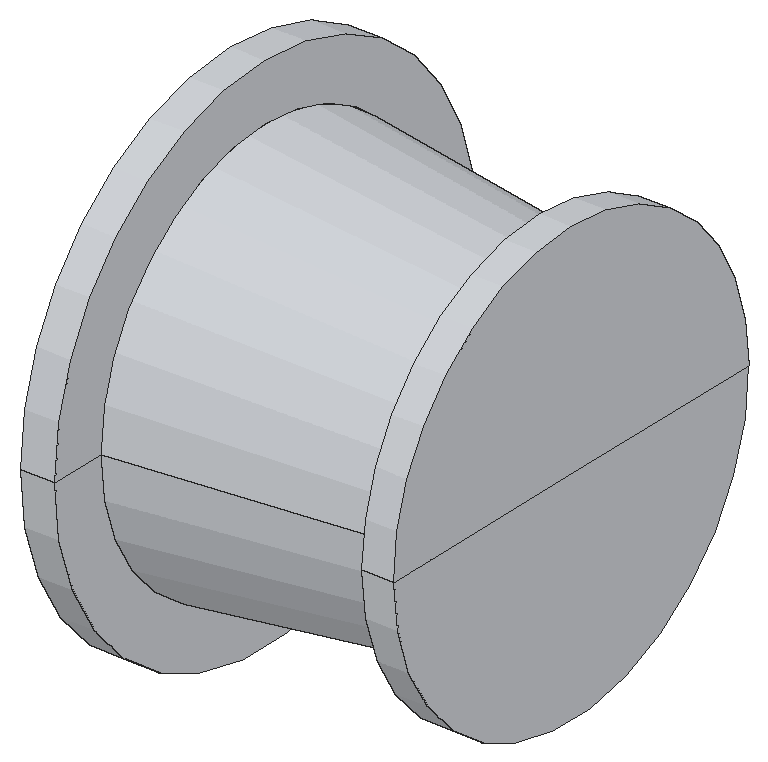
Revit family "45d5a770dc08497da0e8a8a844d91232", category Pipe Fittings, Revit 2021
Family settings
  Round Connector Dimension = Use Radius
  Part Type = Transition
  OmniClass Number = 23.60.30.11.14
  OmniClass Title = Pipework Fittings
  Work Plane-Based = No
  Always vertical = Yes
  Cut with Voids When Loaded = No
  Shared = No
Parameters (values of type "Standard")
  Visibility 2 [instance] = Nominal Diameter 2 > Nominal Diameter 1  # no
  Visibility 1 [instance] = Nominal Diameter 1 > Nominal Diameter 2  # yes
  URL = ""
  Type Comments = ""
  Tick Size 2 [instance] = if(Nominal Diameter 1 > Nominal Diameter 2, Min Tick Size 12, Max Tick Size 12)  # 15.5000"
  Tick Size 1 [instance] = if(Nominal Diameter 1 > Nominal Diameter 2, Max Tick Size 12, Min Tick Size 12)  # 18.4000"
  Min Tick Size 12 [instance] = Min Flange Diameter 12 * 0.4  # 15.5000"
  Min Flange Thickness 12 [instance] = size_lookup(Lookup Table Name, "FThk", 0.05 * Min Nominal Diameter 12 + 1.0800", Min Nominal Diameter 12)  # 2.7500"
  Min Flange Diameter 12 [instance] = size_lookup(Lookup Table Name, "FDia", 1.15 * Min Nominal Diameter 12 + 4.4800", Min Nominal Diameter 12)  # 38.7500"
  Max Tick Size 12 [instance] = Max Flange Diameter 12 * 0.4  # 18.4000"
  Nominal Radius 2 [instance] = 15.0000"
  Nominal Radius 1 [instance] = 18.0000"
  Nominal Diameter 2 [instance] = Nominal Radius 2 * 2  # 30.0000"
  Nominal Diameter 1 [instance] = Nominal Radius 1 * 2  # 36.0000"
  Min Nominal Diameter 12 [instance] = if(Nominal Diameter 1 > Nominal Diameter 2, Nominal Diameter 2, Nominal Diameter 1)  # 30.0000"
  Max Nominal Diameter 12 [instance] = if(Nominal Diameter 1 > Nominal Diameter 2, Nominal Diameter 1, Nominal Diameter 2)  # 36.0000"
  Max Flange Thickness 12 [instance] = size_lookup(Lookup Table Name, "FThk", 0.05 * Max Nominal Diameter 12 + 1.0800", Max Nominal Diameter 12)  # 3.0000"
  Max Flange Diameter 12 [instance] = size_lookup(Lookup Table Name, "FDia", 1.15 * Max Nominal Diameter 12 + 4.4800", Max Nominal Diameter 12)  # 46.0000"
  Manufacturer = ""
  Loss Method = K Coefficient from Table
  Lookup Table Name = "Flange - Ring - Stainless Steel - Class 275"
  Length [instance] = if(Nominal Diameter 1 = Nominal Diameter 2, Min Nominal Diameter 12 / 2, 4 * (Max Nominal Diameter 12 - Min Nominal Diameter 12))  # 24.0000"
  K Coefficient Table = "Reducer/Coupling/Union/Increaser"
  built-in parameter 1114238 [instance] = (empty or 0)
  Flange Thickness 2 [instance] = if(Nominal Diameter 1 > Nominal Diameter 2, Min Flange Thickness 12, Max Flange Thickness 12)  # 2.7500"
  Flange Thickness 1 [instance] = if(Nominal Diameter 1 > Nominal Diameter 2, Max Flange Thickness 12, Min Flange Thickness 12)  # 3.0000"
  Flange Radius 1 [instance] = Flange Diameter 1 / 2  # 23.0000"
  Flange Radius 2 [instance] = Flange Diameter 2 / 2  # 19.3750"
  Flange Diameter 2 [instance] = if(Nominal Diameter 1 > Nominal Diameter 2, Min Flange Diameter 12, Max Flange Diameter 12)  # 38.7500"
  Flange Diameter 1 [instance] = if(Nominal Diameter 1 > Nominal Diameter 2, Max Flange Diameter 12, Min Flange Diameter 12)  # 46.0000"
  Description = ""
  Default Elevation = 0.0000"
  Assembly Code = ""
Reference planes (in)
  plane 1 "Center (Front/Back)": y = 0
  plane 2: z = 0
  plane 3 "Center (Left/Right)": x = 0
  plane 4 "Right": x = 29.75
  plane 5 "TK1 Top": y = 18.4
  plane 6 "TK1 Bottom": y = -18.4
  plane 7 "TK2 Top": y = 15.5
  plane 8 "TK2 Bottom": y = -15.5
  plane 9: y = 18
  plane 10: y = 15
  plane 11: x = 3
  plane 12: y = 23
  plane 13: x = 27
  plane 14: y = 19.375
Forms (in)
  Extrusion 1, solid, not visible
    sketch origin (0, 0, 0) x (0, 1, 0) y (0, 0, 1)
      loop
        circle (0, 0) r 1
    from 0 to 29.75
  Revolve 2, solid, detail levels fine
    sketch origin (0, 0, 0) x (1, 0, 0) y (0, 1, 0)
      loop
        line (0, 0) -> (29.75, 0) -> (29.75, 19.375) -> (27, 19.375) -> (27, 15) -> (3, 18) -> (3, 23) -> (0, 23) -> (0, 0)
      axis (0, 0) -> (29.75, 0)
    angle from 0 to 360
Lines and regions (in)
  model lines, detail levels coarse+medium
    curve 1: line (0, 0, 0) -> (0, 18.4, 0)
    curve 2: line (0, -18.4, 0) -> (0, 0, 0)
    curve 3: line (29.75, 0, 0) -> (29.75, 15.5, 0)
    curve 4: line (29.75, 0, 0) -> (29.75, -15.5, 0)
  model lines, style "PipeFitting", visible <- "Visibility 1", detail levels coarse+medium
    curve 5: line (0, 18.4, 0) -> (29.75, 0, 0)
    curve 6: line (0, -18.4, 0) -> (29.75, 0, 0)
  model lines, style "PipeFitting", visible <- "Visibility 2", detail levels coarse+medium
    curve 7: line (29.75, 15.5, 0) -> (0, 0, 0)
    curve 8: line (0, 0, 0) -> (29.75, -15.5, 0)
Dimensions and locks (in)
  "Tick Size 1": plane 5 "TK1 Top" to plane 1 "Center (Front/Back)"
  "Tick Size 1": plane 6 "TK1 Bottom" to plane 1 "Center (Front/Back)"
  "Tick Size 2": plane 7 "TK2 Top" to plane 1 "Center (Front/Back)"
  "Tick Size 2": plane 8 "TK2 Bottom" to plane 1 "Center (Front/Back)"
  "Nominal Radius 1": plane 9 to plane 1 "Center (Front/Back)"
  "Nominal Radius 2": plane 10 to plane 1 "Center (Front/Back)"
  "Flange Thickness 1": plane 3 "Center (Left/Right)" to plane 11
  "Flange Thickness 2": plane 13 to plane 4 "Right"
  "Length": plane 11 to plane 13
  "Flange Radius 1": plane 12 to plane 1 "Center (Front/Back)"
  "Flange Radius 2": plane 14 to plane 1 "Center (Front/Back)"
  radius of Extrusion 1 sketch curve = 1.0000"
  aligned and locked: plane 2 to level
  aligned and locked: plane 2 to Extrusion 1 sketch curve
  aligned and locked: plane 1 "Center (Front/Back)" to Extrusion 1 sketch curve
  aligned and locked: Extrusion 1 to plane 3 "Center (Left/Right)"
  aligned and locked: plane 4 "Right" to Extrusion 1
  aligned and locked: plane 1 "Center (Front/Back)" to curve 2
  aligned and locked: plane 3 "Center (Left/Right)" to curve 1
  aligned and locked: plane 3 "Center (Left/Right)" to curve 2
  aligned and locked: plane 5 "TK1 Top" to curve 1
  aligned and locked: plane 6 "TK1 Bottom" to curve 2
  aligned and locked: curve 3 to plane 7 "TK2 Top"
  aligned and locked: curve 4 to plane 4 "Right"
  aligned and locked: plane 1 "Center (Front/Back)" to Revolve 2 sketch curve
  aligned and locked: Revolve 2 sketch curve to Revolve 2 sketch curve
  aligned and locked: Revolve 2 sketch curve to plane 3 "Center (Left/Right)"
  aligned and locked: plane 11 to Revolve 2 sketch curve
  aligned and locked: plane 12 to Revolve 2 sketch curve
  aligned and locked: plane 13 to Revolve 2 sketch curve
  aligned and locked: Revolve 2 sketch curve to plane 4 "Right"
  aligned and locked: plane 14 to Revolve 2 sketch curve
Automatic sketch dimensions
  plane 8 "TK2 Bottom" to curve 8 = 0.0000"
  plane 1 "Center (Front/Back)" to curve 4 = 0.0000"
  Revolve 2 sketch curve to plane 9 = 0.0000"
  Revolve 2 sketch curve to plane 10 = 0.0000"
  Revolve 2 sketch curve to plane 3 "Center (Left/Right)" = 9.7500"
  plane 4 "Right" to Revolve 2 sketch curve = 7.2500"
Connectors (in)
  piping at (0, 0, 0), diameter 36, driven by "Nominal Radius 1"
    settings: on Revolve 2, index 1, connector inside diameter 36.0000", connector length 0.0000", flow factor 0, pipe flow 0 GPM, pressure drop 0.00 psi, fitting loss kfactor 0, connector angle 0.00°, fixture units 0, engagement length 0.0000", angle of deflection 0.00°, flow configuration 0, flow direction 0, fitting loss method 0, system type 28, joint type 0, gender type 0, connector reference index 2, connector utility 0, adjustable connector no, is connector primary yes, connector description ""
  piping at (29.75, 0, 0), diameter 30, driven by "Nominal Radius 2"
    settings: on Revolve 2, index 2, connector inside diameter 30.0000", connector length 0.0000", flow factor 0, pipe flow 0 GPM, pressure drop 0.00 psi, fitting loss kfactor 0, connector angle 0.00°, fixture units 0, engagement length 0.0000", angle of deflection 0.00°, flow configuration 0, flow direction 0, fitting loss method 0, system type 28, joint type 0, gender type 0, connector reference index 1, connector utility 0, adjustable connector no, is connector primary no, connector description ""
